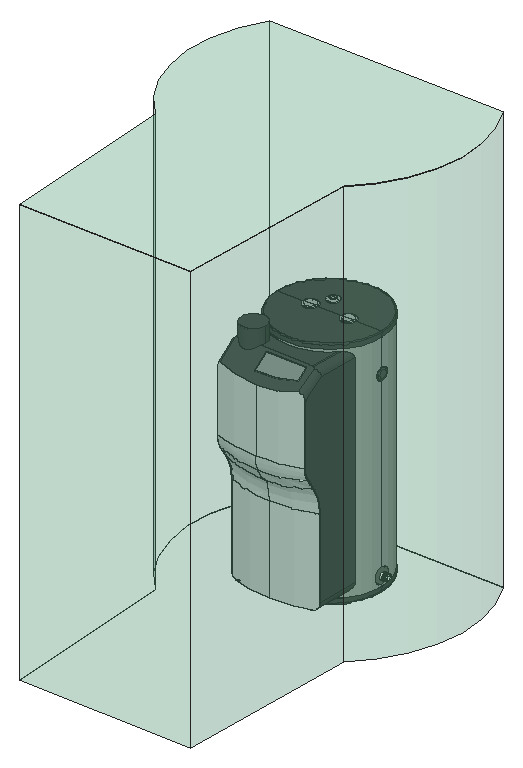
Revit family "Innovo NL_IR 32 285 NL LP", category Mechanical Equipment, Revit 2015
Parameters (values of type "IR-32-285 NL LP")
  Werkruimte Radius = Diameter + 170 mm  # 730 mm
  Werkruimte Hoogte = Hoogte + 1000 mm  # 2270 mm
  Werkruimte Afstand Voor = 1000 mm
  Werkruimte [instance] = yes
  Voorzorgsmaatregelen tijdens montage, installatie of onderhoud = "zie Gebruikers, Installatie, Service en Onderhouds handleiding"  # constant formula
  Voltage = 230 V  # constant formula
  Verpakkingslengte = 946 mm  # constant formula
  Verpakkingshoogte = 1465 mm
  Verpakkingsbreedte = 786 mm  # constant formula
  Uitsluitend werkend in daluren = no
  Type aanduiding = "IR-20-160"
  Transportgewicht = 114 kg
  Totaal Gewicht = 274 kg
  Stilstandsverlies - dagelijks (24u) = 0 W
  Stilstandsverlies = 0 W
  Standaard Afgesteld op = "G25.3"
  Stand Regelthermostaat = 65 °C  # constant formula
  Soort Verpakking = "Karton en Hout"  # constant formula
  Slimme controlefunctie = no
  Setpoint thermostaat = 65 °C  # constant formula
  Seizoens Rendement (Hs) = [Rendement (Hs, vlgs. NEN-EN 89 - 1999)]  # 95
  Rendement (Hs, vlgs. NEN-EN 89 - 1999) = 95
  Rendement (Hi, vlgs. NEN-EN 89 - 1999) = 106
  Produktspecificaties Link = ""
  Produkthandleiding Link = ""
  Produkt Model Nummer (EAN-nummer) = "8717449283803"
  Onderhoudsinterval = "12 maanden"  # constant formula
  Nominale Belasting (Onderwaarde) = "18000.0"
  Nominale Belasting (Bovenwaarde) = "20000.0"
  Nominaal Vermogen = "19100.0"
  NOx-uitstoot mg/kWh = "30.0"
  NOx-uitstoot (lucht vrij, 0% O2) ppm = "19"
  Min. Stand Regelthermostaat = 40 °C  # constant formula
  Max. Werkdruk = 800000.0 Pa
  Max. Stand Regelthermostaat = 85 °C  # constant formula
  Max. Rookgastemperatuur = 61 °C
  Ledig Gewicht = 95 kg
  Kraan Hoogte 02 = if(and(Hoogte = 1745 mm, Diameter = 675 mm), 1518 mm, if(and(Hoogte = 1745 mm, Diameter = 610 mm), 1534 mm, if(Hoogte = 1545 mm, 1328 mm, 1070 mm)))  # 1070 mm
  Kraan Hoogte 01 = if(and(Diameter > 560 mm), 693 mm, 604 mm)  # 604 mm
  Uitschakeldruk LDS < = 115.0 Pa
  URL = "www.aosmith.nl"
  Tapcapaciteit bij ΔT = 70°C  na 90 min. = 410.0 L
  Tapcapaciteit bij ΔT = 70°C  na 60 min. = 290.0 L
  Tapcapaciteit bij ΔT = 70°C  na 30 min. = 170.0 L
  Tapcapaciteit bij ΔT = 70°C  na 120 min. = 520.0 L
  Tapcapaciteit bij ΔT = 55°C  na 90 min. = 540.0 L
  Tapcapaciteit bij ΔT = 55°C  na 60 min. = 390.0 L
  Tapcapaciteit bij ΔT = 55°C  na 30 min. = 240.0 L
  Tapcapaciteit bij ΔT = 55°C  na 120 min. = 700.0 L
  Tapcapaciteit bij ΔT = 50°C  na 90 min. = 600.0 L
  Tapcapaciteit bij ΔT = 50°C  na 60 min. = 440.0 L
  Tapcapaciteit bij ΔT = 50°C  na 30 min. = 270.0 L
  Tapcapaciteit bij ΔT = 50°C na 120 min. = 770.0 L
  Tapcapaciteit bij ΔT = 44°C na 120 min. = 690.0 L
  Tapcapaciteit bij ΔT = 44°C  na 90 min. = 510.0 L
  Tapcapaciteit bij ΔT = 44°C  na 60 min. = 320.0 L
  Tapcapaciteit bij ΔT = 44°C  na 30 min. = 880.0 L
  Tapcapaciteit bij ΔT = 28°C na 90 min. = 1200.0 L
  Tapcapaciteit bij ΔT = 28°C na 60 min. = 820.0 L
  Tapcapaciteit bij ΔT = 28°C na 30 min. = 530.0 L
  Tapcapaciteit bij ΔT = 28°C na 120 min. = 1500.0 L
  Tapcapaciteit Continu bij ΔT = 70°C = 240.0 L/s
  Tapcapaciteit Continu bij ΔT = 55°C = 300.0 L/s
  Tapcapaciteit Continu bij ΔT = 50°C = 330.0 L/s
  Tapcapaciteit Continu bij ΔT = 44°C = 380.0 L/s
  Tapcapaciteit Continu bij ΔT = 28°C = 590.0 L/s
  Opwarmtijd bij ΔT = 70°C = "27"
  Opwarmtijd bij ΔT = 55°C = "21"
  Opwarmtijd bij ΔT = 50°C = "19"
  Opwarmtijd bij ΔT = 44°C = "17"
  Opwarmtijd bij ΔT = 28°C = "11"
  Model = "IR-20-160 NL NAT"
  Manufacturer = "A.O. Smith Water Products Company b.v."  # constant formula
  Length = 780 mm  # constant formula
  Jaarlijks elektriciteitsverbruik (2) = "-"
  Jaarlijks elektriciteitsverbruik (1) = "37 kWh"
  Jaarlijks brandstofverbruik (2) = "-"
  Jaarlijks brandstofverbruik (1) = "16 GJ GCV"
  Isolatiedikte = 50 mm
  Installatie Typen = "B23/C13/C33/C43/C53/C63"  # constant formula
  Inhoud = 160.0 L
  Hoogte Warm Water Uitlaat = 1270 mm
  Hoogte Rookgasafvoer = 1295 mm
  Hoogte Lucht Inlaat = 1295 mm
  Hoogte Koud Water Inlaat = 170 mm
  Hoogte Gas Aansluiting = 860 mm
  Hoogte = 1270 mm
  Handelsmerk = "A.O. Smith"  # constant formula
  Geluidsniveau dB (A) = "<45"  # constant formula
  Geluidsniveau binnen = "52 dB"
  Gasverbruik - Volume ltr/hr = "1.90"
  Gasverbruik - Massa kg/h = "n.v.t."
  Gascategorie = "II2EK3B/P"  # constant formula
  Gas Voordruk = 2500.0 Pa
  Gas Aansluiting = 15"  # constant formula
  Garrantie op Tank = "36 maanden"  # constant formula
  Garrantie op Onderdelen = "12 maanden"  # constant formula
  Frequentie = 50 Hz  # constant formula
  Fase = 1
  Fabrikantnummer = "E 7110"  # constant formula
  Energie-efficiëntieklasse voor waterverwarming (2) = "-"
  Energie-efficiëntieklasse voor waterverwarming (1) = "A"  # constant formula
  Energie-efficiëntie voor waterverwarming (2) = "-"
  Energie-efficiëntie voor waterverwarming (1) = "92%"
  Elektrisch Vermogen (piek) = 85 W
  Elektrisch Vermogen (nominaal) = 36 W
  Diameter Schoorsteen - parallel systeem = "2x80"  # constant formula
  Diameter Schoorsteen - concentrisch systeem = "80/125 mm/mm"  # constant formula
  Diameter Schoorsteen - boiler = "80/125 mm/mm"  # constant formula
  Diameter = 560 mm
  Description = "Condenserende Hoog Rendementsboiler"  # constant formula
  Created By = "http://www.cadcompany.nl/"
  Capaciteitsprofiel = "XL"
  CO2-uitstoot (tol. +/- 1.0) vol% = "9.3"
  CE-PIN = "0063CQ3037"  # constant formula
  Breedte = Diameter  # 560 mm
  Bestemming / Land = "Nederland"  # constant formula
  BIM Content Developer = "CAD & Company"  # constant formula
  Assembly Code = "D3010"
  Ander capaciteitsprofiel = "-"
  Aansluiting Warm Water = 3/4"
  Aansluiting T&P = 3/4"
  Aansluiting Koud Water = 3/4"  # constant formula
  Aansluiting Condensafvoer = 40 mm  # constant formula
  Aansluiting Aftapkraan = 3/4"  # constant formula
  2e Onderhoud (algeheel onderhoud) = "12 maanden na installatie"  # constant formula
  1e Onderhoud (check-up) = "3 maanden na installatie"  # constant formula
Reference planes
  plane 1 "Center (Front/Back)": y = 0
  plane 2: z = 0
  plane 3 "Center (Left/Right)": x = 0
  plane 4 "Pipe": through (-383.901, 912.349, 194.799) normal (-0.0879, -0.0879, 0.9923)
  plane 5 "footing": y = 118.925
  plane 6 "footing front": y = -237.85
  plane 7: x = -280
  plane 8: x = 280
  plane 9: z = 1270
Forms (mm)
  Revolve 1, solid, material "RAL 9005", detail levels medium+fine
    sketch origin (0, -237.85, 0) x (-1, 0, 0) y (0, 0, 1)
      loop
        line (0, 28.9) -> (-15, 28.9) -> (-15, 26.4) -> (-8.671, 26.4) -> (-8.671, 18) -> (-5.686, 18) -> (-6.626, 17.06) -> (-6.626, 12.06) -> (-8.671, 12.06) -> (-8.671, 10) -> (-10.031, 10) -> (-23.271, 5.181)
        arc (-23.271, 5.181) -> (-23.763, 4.836) -> (-24.017, 4.293) r 1.159
        line (-24.017, 4.293) -> (-24.017, 1.03)
        arc (-24.017, 1.03) -> (-23.715, 0.302) -> (-22.986, 0) r 1.03
        line (-22.986, 0) -> (0, 0) -> (0, 28.9)
      axis (0, 28.9) -> (0, 0)
    angle from 0 to 360
  Revolve 2, solid, material "RAL 9005", detail levels medium+fine
    sketch origin (0, 118.925, 0) x (-1, 0, 0) y (0, 0, 1)
      loop
        line (-180.984, 28.9) -> (-195.984, 28.9) -> (-195.984, 26.4) -> (-189.655, 26.4) -> (-189.655, 18) -> (-186.67, 18) -> (-187.61, 17.06) -> (-187.61, 12.06) -> (-189.655, 12.06) -> (-189.655, 10) -> (-191.015, 10) -> (-204.256, 5.181)
        arc (-204.256, 5.181) -> (-204.747, 4.836) -> (-205.001, 4.293) r 1.159
        line (-205.001, 4.293) -> (-205.001, 1.03)
        arc (-205.001, 1.03) -> (-204.699, 0.302) -> (-203.971, 0) r 1.03
        line (-203.971, 0) -> (-180.984, 0) -> (-180.984, 28.9)
      axis (-180.984, 28.9) -> (-180.984, 0)
    angle from 0 to 360
  Revolve 3, solid, material "RAL 9005", detail levels medium+fine
    sketch origin (0, 118.925, 0) x (-1, 0, 0) y (0, 0, 1)
      loop
        line (179.016, 28.9) -> (164.016, 28.9) -> (164.016, 26.4) -> (170.345, 26.4) -> (170.345, 18) -> (173.33, 18) -> (172.39, 17.06) -> (172.39, 12.06) -> (170.345, 12.06) -> (170.345, 10) -> (168.985, 10) -> (155.744, 5.181)
        arc (155.744, 5.181) -> (155.253, 4.836) -> (154.999, 4.293) r 1.159
        line (154.999, 4.293) -> (154.999, 1.03)
        arc (154.999, 1.03) -> (155.301, 0.302) -> (156.029, 0) r 1.03
        line (156.029, 0) -> (179.016, 0) -> (179.016, 28.9)
      axis (179.016, 28.9) -> (179.016, 0)
    angle from 0 to 360
Lines and regions (mm)
  symbolic lines
    curve 1: line (0, 280.06, 0) -> (0, -280.06, 0)
    curve 2: line (-255.06, 0, 0) -> (255.06, 0, 0)
  symbolic lines, style "Workspace"
    curve 3: line (623.261, 380.06, 0) -> (-623.261, 380.06, 0)
    curve 4: arc (-623.261, 380.06, 0) -> (-726.942, -66.745, 0) -> (-543.632, -487.2, 0) r 730
    curve 5: line (-543.632, -487.2, 0) -> (-396.783, -1492.825, 0)
    curve 6: line (-396.783, -1492.825, 0) -> (399.03, -1492.825, 0)
    curve 7: line (399.03, -1492.825, 0) -> (545.76, -484.816, 0)
    curve 8: arc (545.76, -484.816, 0) -> (727.087, -65.154, 0) -> (623.261, 380.06, 0) r 730
Dimensions and locks
  plane 5 "footing" to plane 1 "Center (Front/Back)" = 118.925 mm
  plane 1 "Center (Front/Back)" to plane 6 "footing front" = 237.85 mm
  "Diameter": plane 7 to plane 8
  equal spacing: plane 7, plane 3 "Center (Left/Right)", plane 8
  "Hoogte": plane 9 to plane 2
  "Werkruimte Afstand Voor": curve 6 to nested 3
  "Werkruimte Radius": radius of curve 4
  "Werkruimte Radius": radius of curve 8
  aligned and locked: level to plane 2
  aligned and locked: nested 3 to Revolve 1 sketch curve
  aligned and locked: plane 3 "Center (Left/Right)" to Revolve 1 sketch curve
  aligned and locked: nested 3 to plane 1 "Center (Front/Back)"
  aligned and locked: plane 3 "Center (Left/Right)" to nested 3
  aligned and locked: nested 1 to plane 8
  aligned and locked: nested 5 to plane 8
  aligned and locked: nested 2 to plane 7
  aligned and locked: nested 4 to plane 7
  aligned and locked: nested 7 to plane 7
  aligned and locked: nested 8 to plane 3 "Center (Left/Right)"
  aligned and locked: curve 3 to nested 8
  aligned and locked: nested 8 to nested 3
Automatic sketch dimensions
  Revolve 1 sketch curve to level = 0 mm
  plane 3 "Center (Left/Right)" to Revolve 1 sketch curve = 5.686 mm
  Revolve 1 sketch curve to Revolve 1 sketch curve = 0.94 mm  (x2)
  Revolve 1 sketch curve to Revolve 1 sketch curve = 2.046 mm  (x2)
  Revolve 1 sketch curve to Revolve 1 sketch curve = 1.359 mm
  Revolve 1 sketch curve to Revolve 1 sketch curve = 6.329 mm
  level to Revolve 1 sketch curve = 4.091 mm
  Revolve 1 sketch curve to Revolve 1 sketch curve = 12.844 mm
  level to Revolve 1 sketch curve = 1.03 mm
  Revolve 1 sketch curve to Revolve 1 sketch curve = 0.111 mm
  level to Revolve 1 sketch curve = 5.181 mm
  Revolve 1 sketch curve to Revolve 1 sketch curve = 0.745 mm
  level to Revolve 1 sketch curve = 10 mm
  Revolve 1 sketch curve to Revolve 1 sketch curve = 2.06 mm
  Revolve 1 sketch curve to Revolve 1 sketch curve = 5 mm
  Revolve 1 sketch curve to Revolve 1 sketch curve = 8.4 mm
  Revolve 1 sketch curve to Revolve 1 sketch curve = 2.5 mm
  Revolve 1 sketch curve to level = 19.635 mm
  Revolve 1 sketch curve to Revolve 1 sketch curve = 46.465 mm
  Revolve 2 sketch curve to level = 0 mm
  level to Revolve 2 sketch curve = 1.03 mm
  Revolve 2 sketch curve to plane 8 = 74.999 mm
  level to Revolve 2 sketch curve = 5.181 mm
  Revolve 2 sketch curve to Revolve 2 sketch curve = 0.745 mm
  Revolve 2 sketch curve to Revolve 2 sketch curve = 0.397 mm
  Revolve 2 sketch curve to Revolve 2 sketch curve = 8.271 mm
  Revolve 2 sketch curve to Revolve 2 sketch curve = 13.241 mm
  Revolve 2 sketch curve to Revolve 2 sketch curve = 1.359 mm
  Revolve 2 sketch curve to Revolve 2 sketch curve = 6.329 mm
  Revolve 2 sketch curve to Revolve 2 sketch curve = 2.046 mm
  level to Revolve 2 sketch curve = 18 mm
  Revolve 2 sketch curve to Revolve 2 sketch curve = 0.94 mm  (x2)
  Revolve 2 sketch curve to Revolve 2 sketch curve = 8.671 mm
  Revolve 2 sketch curve to Revolve 2 sketch curve = 1.089 mm
  Revolve 2 sketch curve to Revolve 2 sketch curve = 8 mm
  Revolve 2 sketch curve to Revolve 2 sketch curve = 2.06 mm
  Revolve 2 sketch curve to Revolve 2 sketch curve = 8.4 mm
  Revolve 2 sketch curve to Revolve 2 sketch curve = 2.5 mm
  Revolve 2 sketch curve to Revolve 2 sketch curve = 0 mm
  Revolve 2 sketch curve to level = 19.635 mm
  Revolve 2 sketch curve to Revolve 2 sketch curve = 46.465 mm
  Revolve 3 sketch curve to level = 0 mm
  level to Revolve 3 sketch curve = 1.03 mm
  Revolve 3 sketch curve to plane 7 = 125.001 mm
  level to Revolve 3 sketch curve = 5.181 mm
  Revolve 3 sketch curve to Revolve 3 sketch curve = 0.745 mm
  Revolve 3 sketch curve to Revolve 3 sketch curve = 0.397 mm
  Revolve 3 sketch curve to Revolve 3 sketch curve = 8.271 mm
  Revolve 3 sketch curve to Revolve 3 sketch curve = 13.241 mm
  Revolve 3 sketch curve to Revolve 3 sketch curve = 1.359 mm
  Revolve 3 sketch curve to Revolve 3 sketch curve = 6.329 mm
  Revolve 3 sketch curve to Revolve 3 sketch curve = 2.046 mm
  level to Revolve 3 sketch curve = 18 mm
  Revolve 3 sketch curve to Revolve 3 sketch curve = 0.94 mm  (x2)
  Revolve 3 sketch curve to Revolve 3 sketch curve = 8.671 mm
  Revolve 3 sketch curve to Revolve 3 sketch curve = 1.089 mm
  Revolve 3 sketch curve to Revolve 3 sketch curve = 8 mm
  Revolve 3 sketch curve to Revolve 3 sketch curve = 2.06 mm
  Revolve 3 sketch curve to Revolve 3 sketch curve = 8.4 mm
  Revolve 3 sketch curve to Revolve 3 sketch curve = 2.5 mm
  Revolve 3 sketch curve to Revolve 3 sketch curve = 0 mm
  Revolve 3 sketch curve to level = 19.635 mm
  Revolve 3 sketch curve to Revolve 3 sketch curve = 46.465 mm
  curve 4 to curve 8 = 0 mm  (x2)
  plane 1 "Center (Front/Back)" to curve 2 = 0 mm
  curve 1 to plane 3 "Center (Left/Right)" = 0 mm
  plane 1 "Center (Front/Back)" to curve 4 = 0 mm
  curve 4 to plane 3 "Center (Left/Right)" = 0 mm
  curve 5 to plane 6 "footing front" = 249.35 mm
  plane 7 to curve 5 = 116.783 mm
  plane 8 to curve 7 = 119.03 mm
  curve 7 to plane 6 "footing front" = 246.966 mm
  curve 2 to plane 7 = 24.94 mm
  curve 2 to plane 8 = 24.94 mm
  curve 1 to plane 6 "footing front" = 42.21 mm
  plane 5 "footing" to curve 1 = 161.135 mm
Nested families
  nested 1: "Valve" at (280, -0.38, 1070) x (0, 1, 0) z (0, 0, 1), built-in parameter 1001364 <- "Kraan Hoogte 02", type "Valve"
  nested 2: "Drain Valve" at (-280, 0, 1070), built-in parameter 1001364 <- "Kraan Hoogte 02", type "Drain Valve"
  nested 3: "Housing Mother Housing S 57 (external)" at (0, -274.886, 0), type "Housing Mother_Housing S_57"
  nested 4: "Drain Valve" at (-280, 0, 177), type "Drain Valve"
  nested 5: "Drain Valve" at (280, 0, 107) x (-1, 0, 0) z (0, 0, 1), type "Drain Valve"
  nested 6: "Boiler" at (0, 0, 0), height <- "Hoogte", type "Boiler"
    with height 1270 mm
  nested 7: "Drain Valve" at (-280, 0, 604), built-in parameter 1001364 <- "Kraan Hoogte 01", type "Drain Valve"
  nested 8: "Innovo_workspace" at (0, 0, 0), Workspace <- "Werkruimte", Workspace Distance Front <- "Werkruimte Afstand Voor", Workspace Height <- "Werkruimte Hoogte", Workspace Radius <- "Werkruimte Radius", type "Workspace"
    with Workspace Radius 730 mm, Workspace Height 2270 mm, Workspace Distance Front 1000 mm, Workspace yes, Center to Front 492.825 mm
Connectors
  piping at (314.826, 0, 107), diameter 19.05, driven by "Aansluiting Aftapkraan"
    settings: on nested 5, index 1, connector inside diameter 24", connector length 0 mm, flow factor 0, pipe flow 0.0 L/s, pressure drop 0.0 Pa, fitting loss kfactor 0, connector angle 0.00°, fixture units 0, engagement length 0 mm, angle of deflection 0.00°, flow configuration 0, flow direction 0, fitting loss method 0, system type 19, joint type 0, gender type 0, connector reference index -1, connector utility 0, adjustable connector no, is connector primary yes, connector description ""
  hvac at (-147.013, -321.326, 1310.674)
    settings: on nested 3, index 2, duct flow 0.0 L/s, flow factor 0, pres drop 0.0 Pa, loss coef 0, conn angle 0.00°, conn width 304.8 mm, conn height 304.8 mm, conn diameter 125 mm, duct sys type 4, conn prof type 0, flow config 0, flow direction 0, loss method 0, conn ref index -1, conn util no, is conn primary yes, conn desc ""
Definition of nested family "Valve"
  Parameters (values of type "Valve")
    Type Comments = "T&P valve (internal)"
    Manufacturer = "A.O. Smith"
  Reference planes
    plane 1 "Center (Front/Back)": y = 0
    plane 2: z = 0
    plane 3 "Center (Left/Right)": x = 0
  Forms (mm)
    Extrusion 1, solid, detail levels fine
      sketch origin (0, 0, 0) x (1, 0, 0) y (0, 0, 1)
        loop
          circle (0, 0) r 31.5
      from -2.271 to 1.4
    Sweep 2, solid, detail levels fine
      path origin (0, -1.4, 0) x (1, 0, 0) y (0, 0, 1)
        loop
          circle (0, 0) r 31.5
      profile origin (0, -1.4, 31.5) x (0, 0, -1) y (0, -1, 0)
        loop
          line (7.3, 0) -> (7.3, 3) -> (0, 0) -> (7.3, 0)
  Dimensions and locks
    aligned and locked: level to plane 2
Definition of nested family "Drain Valve"
  Reference planes
    plane 1 "Center (Front/Back)": y = 0
    plane 2: z = 0
    plane 3 "Center (Left/Right)": x = 0
  Forms (mm)
    Revolve 1, solid, detail levels medium+fine
      sketch origin (0, 0, 0) x (1, 0, 0) y (0, 0, 1)
        loop
          line (-33.442, 15.696) -> (-34.826, 14.329) -> (-34.93, 12.731) -> (-16.555, 12.731) -> (-16.555, 0) -> (15.787, 0) -> (15.787, 18.3) -> (-14.4, 18.3) -> (-17.148, 15.533) -> (-18.729, 16.697) -> (-20.091, 15.333) -> (-21.672, 16.496) -> (-23.034, 15.133) -> (-24.614, 16.296) -> (-25.976, 14.932) -> (-27.557, 16.096) -> (-28.919, 14.732) -> (-30.5, 15.896) -> (-31.862, 14.532) -> (-33.442, 15.696)
        axis (-34.93, 0) -> (15.787, 0)
      angle from 0 to 360
  Dimensions and locks
    aligned and locked: level to plane 2
  Nested families
    nested 1: "Rubber sealing" at (2.592, -0.155, 0) x (0.0023, -1, 0) z (0, 0, 1), type "Rubber sealing", detail levels fine
  Definition of nested family "Rubber sealing"
    Reference planes
      plane 1 "Center (Front/Back)": y = 0
      plane 2: z = 0
      plane 3 "Center (Left/Right)": x = 0
    Forms (mm)
      Extrusion 1, solid, detail levels fine
        sketch origin (141.861, 319.581, 0) x (1, 0, 0) y (0, 1, 0)
          loop
            line (-216.354, -311.898) -> (-216.354, -313.94)
            arc (-216.354, -313.94) -> (-141.602, -321.581) -> (-66.861, -313.835) r 366.966
            line (-66.861, -313.835) -> (-66.861, -311.791)
            arc (-66.861, -311.791) -> (-141.602, -319.581) -> (-216.354, -311.898) r 364.966
        from -80 to 80
      Extrusion 2, void
        sketch origin (141.861, 319.581, 0) x (1, 0, 0) y (0, 0, 1)
          loop
            circle (-141.861, 0) r 13
          loop
            circle (-141.861, 0) r 110
          loop
            circle (-141.861, 0) r 40
        from 311.563 to 332.684
      Extrusion 3, void
        sketch origin (141.861, 319.581, 0) x (1, 0, 0) y (0, 0, 1)
          loop
            circle (-141.861, 0) r 18.25
        from 315.524 to 326.084
    Cuts and joins
      Extrusion 2, Extrusion 3 cuts Extrusion 1
    Dimensions and locks
      aligned and locked: level to plane 2
Definition of nested family "Housing Mother Housing S 57 (external)"
  Parameters (values of type "Housing Mother_Housing S_57")
    radius [instance] = 280 mm
    distance to boiler center = if(diameter = 675 mm, 189 mm, if(diameter = 610 mm, 154 mm, 129 mm))  # 129 mm
    diameter = 560 mm
  Reference planes
    plane 1 "Center (Front/Back)": y = 0
    plane 2: z = 0
    plane 3 "Center (Left/Right)": x = 0
    plane 4 "left": through (-245.286, 145.886, 1200) normal (0.9994, 0.0349, 0)
    plane 5: y = -217.939
    plane 6: y = 145.886
    plane 7: z = 1232.6
    plane 8: z = 65.89
    plane 9 "right": through (245.286, 145.886, 1200) normal (0.9994, -0.0349, 0)
    plane 10 "display": through (0, -90.37, 1221.196) normal (0, -0.5736, 0.8192)
    plane 11 "Potentiostat": z = 867.899
    plane 12 "boiler center": y = 274.886
    plane 13: x = -280
    plane 14: x = 280
  Forms (mm)
    Extrusion 1, solid
      sketch origin (0, 0, 0) x (1, 0, 0) y (0, 1, 0)
        loop
          line (-245.286, 145.886) -> (-232.581, -217.939) -> (232.581, -217.939) -> (245.286, 145.886)
          arc (245.286, 145.886) -> (0, 0.923) -> (-245.286, 145.886) r 280
      from 0 to 1232.6
    Sweep 2, void
      path origin (0, 0, 0) x (0, 1, 0) y (0, 0, 1)
        loop
          line (-217.939, 1232.6) -> (-217.939, 795.555)
          arc (-217.939, 795.555) -> (-212.387, 754.285) -> (-197.694, 715.322) r 183.924
          arc (-197.694, 715.322) -> (-179.915, 684.628) -> (-159.106, 655.901) r 348.284
          arc (-159.106, 655.901) -> (-131.411, 600.328) -> (-121.88, 538.973) r 202.254
          line (-121.88, 538.973) -> (-121.88, 61.106)
      profile origin (0, -217.939, 1014.077) x (1, 0, 0) y (0, 1, 0)
        loop
          arc (0, 0) -> (-117.533, 9.941) -> (-231.728, 39.475) r 699.984
          arc (-231.728, 39.475) -> (-233.391, 40.705) -> (-234.07, 42.659) r 3.505
          line (-234.07, 42.659) -> (-254.062, 42.659) -> (-254.062, -142.593) -> (254.07, -142.593) -> (254.07, 42.659) -> (234.07, 42.659)
          arc (234.07, 42.659) -> (233.391, 40.705) -> (231.728, 39.475) r 3.505
          arc (231.728, 39.475) -> (117.533, 9.941) -> (0, 0) r 699.984
    Extrusion 3, void
      sketch origin (0, 0, 0) x (0, 1, 0) y (0, 0, 1)
        loop
          arc (102.864, 70.869) -> (99.804, 70.709) -> (96.874, 69.813) r 12.57
          arc (96.874, 69.813) -> (87.878, 66.533) -> (78.516, 64.529) r 69.114
          arc (78.516, 64.529) -> (76.41, 64.284) -> (74.294, 64.148) r 41.206
          arc (74.294, 64.148) -> (65.203, 64.335) -> (56.122, 64.782) r 318.661
          arc (56.122, 64.782) -> (30.585, 66.179) -> (5.028, 67.128) r 1456.581
          line (5.028, 67.128) -> (-84.534, 73.135)
          arc (-84.534, 73.135) -> (-86.363, 73.808) -> (-87.536, 75.365) r 3.455
          line (-87.536, 75.365) -> (-264.473, 75.365) -> (-264.473, 0) -> (160.886, 0) -> (160.886, 103.945) -> (145.886, 103.945)
          arc (145.886, 103.945) -> (145.104, 97.827) -> (142.923, 92.059) r 26.364
          arc (142.923, 92.059) -> (141.067, 88.936) -> (138.867, 86.045) r 31.715
          arc (138.867, 86.045) -> (135.576, 82.49) -> (132.021, 79.2) r 62.615
          arc (132.021, 79.2) -> (125.841, 74.697) -> (119.091, 71.103) r 54.444
          arc (119.091, 71.103) -> (116.371, 70.272) -> (113.531, 70.123) r 11.669
          line (113.531, 70.123) -> (102.864, 70.869)
      from -254.062 to 254.07
    Sweep 4, void
      path origin (0, 0, 0) x (1, 0, 0) y (0, 1, 0)
        loop
          line (-245.286, 145.886) -> (-232.581, -217.939)
      profile origin (-238.933, -36.027, 0) x (0.999391, 0.034899, 0) y (0, 0, 1)
        loop
          line (-4.454, 0) -> (47.084, 0) -> (47.084, 73.431)
          arc (47.084, 73.431) -> (14.222, 85.134) -> (0.255, 117.1) r 43.922
          line (0.255, 117.1) -> (-4.454, 117.1) -> (-4.454, 0)
    Sweep 5, void
      path origin (0, 0, 0) x (-1, 0, 0) y (0, 1, 0)
        loop
          line (-245.286, 145.886) -> (-232.581, -217.939)
      profile origin (238.933, -36.027, 0) x (0.999391, -0.034899, 0) y (0, 0, 1)
        loop
          line (4.454, 0) -> (4.454, 117.1) -> (-0.255, 117.1)
          arc (-0.255, 117.1) -> (-14.222, 85.134) -> (-47.084, 73.431) r 43.922
          line (-47.084, 73.431) -> (-47.084, 0) -> (4.454, 0)
    Sweep 6, void
      path origin (-239.899, -8.377, 0) x (-0.034899, 0.999391, 0) y (0, 0, 1)
        loop
          line (-209.69, 1141.272) -> (-79.18, 1232.6) -> (154.358, 1232.6)
      profile origin (-241.211, 29.188, 1232.6) x (0, 0, 1) y (0.999391, 0.034899, 0)
        loop
          line (-45, -30) -> (75, -30) -> (75, 0) -> (75, 55) -> (2.799, 55) -> (-1.253, 35.128)
          arc (-1.253, 35.128) -> (-16.771, 9.564) -> (-45, -0.308) r 44.287
          line (-45, -0.308) -> (-45, -30)
    Sweep 7, void
      path origin (239.899, -8.377, 0) x (0.034899, 0.999391, 0) y (0, 0, 1)
        loop
          line (-209.69, 1141.272) -> (-79.18, 1232.6) -> (154.358, 1232.6)
      profile origin (241.211, 29.188, 1232.6) x (0, 0, -1) y (-0.999391, 0.034899, 0)
        loop
          line (-75, -25) -> (45, -25) -> (45, -0.308)
          arc (45, -0.308) -> (16.771, 9.564) -> (1.253, 35.128) r 44.287
          line (1.253, 35.128) -> (-2.799, 55) -> (-75, 55) -> (-75, -25)
    Extrusion 8, void
      sketch origin (0, 0, 0) x (0, 1, 0) y (0, 0, 1)
        loop
          line (-270, 1336.099) -> (-270, 1099.081) -> (68.497, 1336.099) -> (-270, 1336.099)
      from -425.038 to 444.42
    Extrusion 9, solid, detail levels medium+fine
      sketch origin (0, 0, 0) x (1, 0, 0) y (0, 1, 0)
        loop
          circle (-147.013, -46.44) r 65
      from 1163.174 to 1310.674
    Extrusion 10, void
      sketch origin (0, -603.506, 861.895) x (0, 0.819152, 0.573576) y (-1, 0, 0)
        loop
          arc (618.322, -173) -> (623.272, -170.95) -> (625.322, -166) r 7
          line (625.322, -166) -> (625.322, 35)
          arc (625.322, 35) -> (623.272, 39.95) -> (618.322, 42) r 7
          line (618.322, 42) -> (535.473, 42)
          arc (535.473, 42) -> (530.688, 40.11) -> (528.488, 35.46) r 7
          arc (528.488, 35.46) -> (531.569, -67.592) -> (554.18, -168.18) r 540
          arc (554.18, -168.18) -> (556.724, -171.668) -> (560.831, -173) r 7
          line (560.831, -173) -> (618.322, -173)
      from 0 to 137.286
    Sweep 11, solid, detail levels fine
      path origin (0, 0, 867.899) x (-1, 0, 0) y (0, -1, 0)
        loop
          line (309.749, -35.617) -> (204.371, -35.617)
          arc (204.371, -35.617) -> (196.509, -34.687) -> (189.082, -31.947) r 33.677
          line (189.082, -31.947) -> (-9.574, 69.274)
      profile origin (-257.06, 35.617, 867.899) x (0, 1, 0) y (0, 0, 1)
        loop
          circle (0, 0) r 7.316
        loop
          circle (0, 0) r 6.465
    Revolve 12, void
      sketch origin (0, 274.886, 0) x (-1, 0, 0) y (0, 0, 1)
        loop
          line (280, 1243.838) -> (0, 1243.838) -> (0, 54.9) -> (280, 54.9) -> (280, 1243.838)
        axis (0, 1243.838) -> (0, 54.9)
      angle from 0 to 360
  Cuts and joins
    Sweep 2, Extrusion 3, Sweep 4, Sweep 5, Sweep 6, Sweep 7, Extrusion 8, Extrusion 10, Revolve 12 cuts Extrusion 1
  Dimensions and locks
    plane 8 to plane 2 = 65.89 mm
    plane 7 to plane 8 = 1166.71 mm
    "distance to boiler center": plane 12 "boiler center" to plane 6
    "diameter": plane 14 to plane 13
    equal spacing: plane 14, plane 3 "Center (Left/Right)", plane 13
    "radius": plane 3 "Center (Left/Right)" to plane 13
    aligned and locked: level to plane 2
    aligned and locked: Extrusion 1 to plane 7
    aligned and locked: Extrusion 1 sketch curve to plane 5
    aligned and locked: Sweep 2 to Extrusion 3
    aligned and locked: Extrusion 3 to Sweep 2  (x2)
    aligned and locked: plane 7 to Sweep 2 sketch curve
    aligned and locked: plane 3 "Center (Left/Right)" to Revolve 12 sketch curve
    aligned and locked: Revolve 12 sketch curve to plane 3 "Center (Left/Right)"
    aligned and locked: plane 13 to Revolve 12 sketch curve
  Automatic sketch dimensions
    Extrusion 1 sketch curve to plane 4 "left" = 0 mm  (x2)
    Extrusion 1 sketch curve to plane 6 = 0 mm  (x2)
    Extrusion 1 sketch curve to plane 3 "Center (Left/Right)" = 0 mm
    Extrusion 1 sketch curve to plane 9 "right" = 0 mm
    plane 6 to Extrusion 1 sketch curve = 135.037 mm
    Sweep 2 sketch curve to plane 5 = 0 mm
    plane 5 to Sweep 2 sketch curve = 106.195 mm
    Sweep 2 sketch curve to plane 5 = 96.059 mm
    plane 1 "Center (Front/Back)" to Sweep 2 sketch curve = 34.053 mm
    plane 11 "Potentiostat" to Sweep 2 sketch curve = 6.417 mm
    Sweep 2 sketch curve to plane 6 = 33.705 mm
    Sweep 2 sketch curve to plane 11 "Potentiostat" = 68.615 mm
    Sweep 2 sketch curve to plane 11 "Potentiostat" = 72.345 mm
    Sweep 2 sketch curve to Sweep 2 sketch curve = 176.349 mm
    Sweep 2 sketch curve to Sweep 2 sketch curve = 0 mm  (x2)
    plane 8 to Sweep 2 sketch curve = 4.784 mm
    Extrusion 3 sketch curve to level = 0 mm
    Extrusion 3 sketch curve to plane 6 = 0 mm
    Extrusion 3 sketch curve to plane 6 = 26.363 mm
    Extrusion 3 sketch curve to Extrusion 3 sketch curve = 4.75 mm
    Extrusion 3 sketch curve to Extrusion 3 sketch curve = 5.179 mm
    Extrusion 3 sketch curve to plane 8 = 4.232 mm
    Extrusion 3 sketch curve to Extrusion 3 sketch curve = 0.814 mm
    Extrusion 3 sketch curve to plane 8 = 4.978 mm
    Extrusion 3 sketch curve to Extrusion 3 sketch curve = 10.667 mm
    Extrusion 3 sketch curve to Extrusion 3 sketch curve = 0.877 mm
    Extrusion 3 sketch curve to Extrusion 3 sketch curve = 17.827 mm
    Extrusion 3 sketch curve to Extrusion 3 sketch curve = 5.646 mm
    Extrusion 3 sketch curve to plane 6 = 69.562 mm
    Extrusion 3 sketch curve to Extrusion 3 sketch curve = 18.6 mm
    Extrusion 3 sketch curve to Extrusion 3 sketch curve = 22.538 mm
    Extrusion 3 sketch curve to plane 8 = 1.238 mm
    Extrusion 3 sketch curve to plane 1 "Center (Front/Back)" = 5.028 mm
    plane 1 "Center (Front/Back)" to Extrusion 3 sketch curve = 36.224 mm
    Extrusion 3 sketch curve to plane 8 = 10.692 mm
    plane 1 "Center (Front/Back)" to Extrusion 3 sketch curve = 84.302 mm
    Extrusion 3 sketch curve to plane 8 = 7.244 mm
    Extrusion 3 sketch curve to Extrusion 3 sketch curve = 0.231 mm
    Extrusion 3 sketch curve to Extrusion 3 sketch curve = 3.234 mm
    plane 5 to Extrusion 3 sketch curve = 46.534 mm
    plane 6 to Extrusion 3 sketch curve = 15 mm
    Extrusion 3 sketch curve to level = 1388.869 mm
    plane 8 to Extrusion 3 sketch curve = 7.561 mm
    Extrusion 3 sketch curve to Extrusion 3 sketch curve = 11.64 mm
    Extrusion 3 sketch curve to plane 8 = 38.054 mm
    Extrusion 3 sketch curve to Extrusion 3 sketch curve = 22.442 mm
    Extrusion 3 sketch curve to plane 8 = 39.432 mm
    Extrusion 3 sketch curve to Extrusion 3 sketch curve = 2.466 mm
    Extrusion 3 sketch curve to Extrusion 3 sketch curve = 14.17 mm
    Extrusion 3 sketch curve to Extrusion 3 sketch curve = 5.925 mm
    Extrusion 3 sketch curve to Extrusion 3 sketch curve = 6.186 mm
    Extrusion 3 sketch curve to Extrusion 3 sketch curve = 249.85 mm
    Extrusion 3 sketch curve to Extrusion 3 sketch curve = 0 mm  (x4)
    Extrusion 3 sketch curve to Extrusion 3 sketch curve = 6.845 mm
    plane 8 to Extrusion 3 sketch curve = 1.743 mm
    Sweep 4 sketch curve to plane 4 "left" = 0 mm  (x2)
    Sweep 4 sketch curve to plane 6 = 0 mm
    plane 5 to Sweep 4 sketch curve = 0 mm
    Sweep 4 sketch curve to level = 0 mm
    profile plane to Sweep 4 sketch curve = 4.454 mm
    Sweep 4 sketch curve to profile plane = 0.255 mm
    Sweep 4 sketch curve to Sweep 4 sketch curve = 43.922 mm
    Sweep 4 sketch curve to profile plane = 47.084 mm
    level to Sweep 4 sketch curve = 73.431 mm
    Sweep 4 sketch curve to Sweep 4 sketch curve = 43.669 mm
    Sweep 5 sketch curve to plane 6 = 0 mm
    Sweep 5 sketch curve to plane 9 "right" = 0 mm  (x2)
    plane 5 to Sweep 5 sketch curve = 0 mm
    Sweep 5 sketch curve to level = 0 mm
    profile plane to Sweep 5 sketch curve = 47.084 mm
    Sweep 5 sketch curve to Sweep 5 sketch curve = 2.907 mm
    profile plane to Sweep 5 sketch curve = 0.255 mm
    Sweep 5 sketch curve to profile plane = 4.454 mm
    level to Sweep 5 sketch curve = 73.431 mm
    Sweep 5 sketch curve to Sweep 5 sketch curve = 43.669 mm
    Sweep 6 sketch curve to plane 7 = 0 mm
    plane 7 to Sweep 6 sketch curve = 91.328 mm
    Sweep 6 sketch curve to Sweep 6 sketch curve = 130.509 mm
    Sweep 6 sketch curve to Sweep 6 sketch curve = 233.538 mm
    Sweep 6 sketch curve to plane 4 "left" = 0 mm
    profile plane to Sweep 6 sketch curve = 45 mm
    Sweep 6 sketch curve to Sweep 6 sketch curve = 0.354 mm
    profile plane to Sweep 6 sketch curve = 1.253 mm
    Sweep 6 sketch curve to profile plane = 2.799 mm
    Sweep 6 sketch curve to Sweep 6 sketch curve = 72.201 mm
    Sweep 6 sketch curve to plane 4 "left" = 0.308 mm
    Sweep 6 sketch curve to Sweep 6 sketch curve = 29.692 mm
    plane 4 "left" to Sweep 6 sketch curve = 35.128 mm
    plane 4 "left" to Sweep 6 sketch curve = 55 mm
    Sweep 7 sketch curve to plane 7 = 0 mm
    Sweep 7 sketch curve to plane 7 = 91.328 mm
    Sweep 7 sketch curve to Sweep 7 sketch curve = 130.509 mm
    Sweep 7 sketch curve to Sweep 7 sketch curve = 233.538 mm
    Sweep 7 sketch curve to plane 9 "right" = 25 mm
    profile plane to Sweep 7 sketch curve = 75 mm
    profile plane to Sweep 7 sketch curve = 2.799 mm
    Sweep 7 sketch curve to profile plane = 1.253 mm
    Sweep 7 sketch curve to Sweep 7 sketch curve = 43.393 mm
    Sweep 7 sketch curve to profile plane = 45 mm
    Sweep 7 sketch curve to plane 9 "right" = 0.308 mm
    plane 9 "right" to Sweep 7 sketch curve = 35.128 mm
    Sweep 7 sketch curve to Sweep 7 sketch curve = 19.872 mm
    plane 5 to Extrusion 8 sketch curve = 52.061 mm
    Extrusion 8 sketch curve to plane 1 "Center (Front/Back)" = 68.497 mm
    plane 7 to Extrusion 8 sketch curve = 133.519 mm
    Extrusion 8 sketch curve to plane 7 = 103.499 mm
    plane 1 "Center (Front/Back)" to Extrusion 9 sketch curve = 46.44 mm
    Extrusion 9 sketch curve to plane 3 "Center (Left/Right)" = 147.013 mm
    Extrusion 10 sketch curve to plane 3 "Center (Left/Right)" = 0 mm
    Extrusion 10 sketch curve to plane 3 "Center (Left/Right)" = 35 mm
    Extrusion 10 sketch curve to Extrusion 10 sketch curve = 25.359 mm
    Extrusion 10 sketch curve to Extrusion 10 sketch curve = 57.491 mm
    Extrusion 10 sketch curve to plane 3 "Center (Left/Right)" = 42 mm
    Extrusion 10 sketch curve to Extrusion 10 sketch curve = 82.85 mm
    Extrusion 10 sketch curve to Extrusion 10 sketch curve = 7 mm
    Extrusion 10 sketch curve to Extrusion 10 sketch curve = 442 mm
    plane 3 "Center (Left/Right)" to Extrusion 10 sketch curve = 166 mm
    Extrusion 10 sketch curve to Extrusion 10 sketch curve = 0 mm  (x2)
    Sweep 11 sketch curve to plane 1 "Center (Front/Back)" = 31.947 mm
    Sweep 11 sketch curve to plane 3 "Center (Left/Right)" = 189.082 mm
    Sweep 11 sketch curve to plane 1 "Center (Front/Back)" = 1.94 mm
    Sweep 11 sketch curve to Sweep 11 sketch curve = 15.289 mm
    plane 3 "Center (Left/Right)" to Sweep 11 sketch curve = 9.574 mm
    Sweep 11 sketch curve to Sweep 11 sketch curve = 105.378 mm
    plane 1 "Center (Front/Back)" to Sweep 11 sketch curve = 69.274 mm
    Sweep 11 sketch curve to Sweep 11 sketch curve = 0 mm  (x2)
    Sweep 11 sketch curve to plane 11 "Potentiostat" = 0 mm
    Sweep 11 sketch curve to profile plane = 0 mm
    plane 8 to Revolve 12 sketch curve = 10.99 mm
    Revolve 12 sketch curve to plane 7 = 11.238 mm
    Revolve 12 sketch curve to level = 366.045 mm
    Revolve 12 sketch curve to Revolve 12 sketch curve = 971.917 mm
    Sweep 2 sketch curve to plane 3 "Center (Left/Right)" = 0 mm
    profile plane to Sweep 2 sketch curve = 0 mm
    Sweep 2 sketch curve to plane 3 "Center (Left/Right)" = 0.016 mm
    Sweep 2 sketch curve to profile plane = 42.782 mm  (x2)
    Sweep 2 sketch curve to plane 3 "Center (Left/Right)" = 230.568 mm
    plane 3 "Center (Left/Right)" to Sweep 2 sketch curve = 0.016 mm
    plane 3 "Center (Left/Right)" to Sweep 2 sketch curve = 230.568 mm
    Sweep 2 sketch curve to Sweep 2 sketch curve = 3.502 mm  (x2)
    Sweep 2 sketch curve to Sweep 2 sketch curve = 20 mm
    profile plane to Sweep 2 sketch curve = 142.593 mm
    Sweep 2 sketch curve to Sweep 2 sketch curve = 0.122 mm  (x2)
    Sweep 2 sketch curve to Sweep 2 sketch curve = 657.203 mm
    Sweep 2 sketch curve to Sweep 2 sketch curve = 19.991 mm
    radius of Extrusion 9 sketch curve = 65 mm
    radius of Sweep 11 sketch curve = 7.316 mm
    radius of Sweep 11 sketch curve = 6.465 mm
  Nested families
    nested 1: "display" at (65.5, -130.939, 1192.79) x (-1, 0, 0) z (0, -0.5736, 0.8192), type "display"
  Definition of nested family "display"
    Parameters (values of type "display")
      Default Elevation = 1219.2 mm
    Reference planes
      plane 1 "Center (Front/Back)": y = 0
      plane 2: z = 0
      plane 3 "Center (Left/Right)": x = 0
    Forms (mm)
      Extrusion 1, solid, detail levels medium+fine
        sketch origin (-16.958, 11.842, -343.878) x (1, 0, 0) y (0, 0, -1)
          loop
            line (-233.523, -343.878) -> (-233.523, -346.592) -> (332.686, -346.592) -> (332.686, -343.878) -> (-233.523, -343.878)
        from -228.7 to 150.822
      Extrusion 2, void
        sketch origin (-16.958, 6.842, -343.878) x (1, 0, 0) y (0, 1, 0)
          loop
            line (-233.523, 155.822) -> (-233.523, -223.7) -> (332.686, -223.7) -> (332.686, 155.822) -> (-233.523, 155.822)
          loop
            arc (-90.542, -48.267) -> (-88.492, -53.216) -> (-83.542, -55.267) r 7
            line (-83.542, -55.267) -> (117.458, -55.267)
            arc (117.458, -55.267) -> (122.408, -53.216) -> (124.458, -48.267) r 7
            line (124.458, -48.267) -> (124.458, 34.583)
            arc (124.458, 34.583) -> (122.568, 39.368) -> (117.918, 41.568) r 7
            arc (117.918, 41.568) -> (14.866, 38.487) -> (-85.722, 15.876) r 540
            arc (-85.722, 15.876) -> (-89.21, 13.332) -> (-90.542, 9.224) r 7
            line (-90.542, 9.224) -> (-90.542, -48.267)
        from 328.878 to 363.083
    Cuts and joins
      Extrusion 2 cuts Extrusion 1
    Dimensions and locks
      aligned and locked: level to plane 2
Definition of nested family "Boiler"
  Parameters (values of type "Boiler")
    radius [instance] = 280 mm
    height [instance] = 1270 mm
    Diameter = 560 mm
  Reference planes
    plane 1 "Center (Front/Back)": y = 0
    plane 2: z = 0
    plane 3 "Center (Left/Right)": x = 0
    plane 4: z = 1243.838
    plane 5: z = 1270
    plane 6 "bottom": z = 28.9
    plane 7: z = 54.9
    plane 8 "top controle": y = 88
    plane 9: x = -280
    plane 10: x = 280
  Forms (mm)
    Revolve 1, solid
      sketch origin (0, 0, 0) x (1, 0, 0) y (0, 0, 1)
        loop
          line (0, 54.9) -> (-280, 54.9) -> (-280, 32.9)
          arc (-280, 32.9) -> (-278.828, 30.072) -> (-276, 28.9) r 4
          line (-276, 28.9) -> (0, 28.9) -> (0, 54.9)
        axis (0, 28.9) -> (0, 54.9)
      angle from 0 to 360
    Revolve 2, solid
      sketch origin (1.311, 0, 0) x (1, 0, 0) y (0, 0, 1)
        loop
          line (-278.86, 1243.838) -> (-278.86, 54.9) -> (-1.311, 54.9) -> (-1.311, 1243.838) -> (-278.86, 1243.838)
        axis (-1.311, 1243.838) -> (-1.311, 54.9)
      angle from 0 to 360
    Revolve 3, solid
      sketch origin (-9.205, 0, 377.212) x (-1, 0, 0) y (0, 0, 1)
        loop
          line (-148.904, 892.788) -> (-110.805, 892.788) -> (-110.805, 895.963) -> (-141.883, 895.963) -> (-148.904, 893.62) -> (-148.904, 892.788)
        axis (-110.805, 892.788) -> (-110.805, 895.963)
      angle from 0 to 360
    Revolve 4, solid
      sketch origin (0, 0, 718.065) x (1, 0, 0) y (0, 0, -1)
        loop
          line (0, -525.773) -> (-280, -525.773) -> (-280, -547.935)
          arc (-280, -547.935) -> (-278.828, -550.763) -> (-276, -551.935) r 4
          line (-276, -551.935) -> (0, -551.935) -> (0, -525.773)
        axis (0, -551.935) -> (0, -525.773)
      angle from 0 to 360
    Revolve 5, solid
      sketch origin (0, 88, 0) x (1, 0, 0) y (0, 0, 1)
        loop
          line (-19.051, 1270) -> (-19.051, 1271.074) -> (-32.63, 1275.604) -> (-32.63, 1271.117) -> (-37.266, 1271.117) -> (-38.383, 1270) -> (-19.051, 1270)
        axis (-50.8, 1270) -> (-50.8, 1275.604)
      angle from 0 to 360
    Revolve 6, solid
      sketch origin (-217.12, 0, 372.245) x (-1, 0, 0) y (0, 0, 1)
        loop
          line (-153.622, 897.755) -> (-115.52, 897.755) -> (-115.52, 900.93) -> (-146.626, 900.93) -> (-153.622, 898.596) -> (-153.622, 897.755)
        axis (-115.52, 897.755) -> (-115.52, 900.93)
      angle from 0 to 360
  Dimensions and locks
    "height": plane 5 to plane 2
    plane 6 "bottom" to plane 2 = 28.9 mm
    locked: plane 5 to plane 4 at 26.162
    locked: plane 1 "Center (Front/Back)" to plane 8 "top controle" at 88
    "Diameter": plane 10 to plane 9
    equal spacing: plane 10, plane 3 "Center (Left/Right)", plane 9
    "radius": plane 3 "Center (Left/Right)" to plane 9
    locked: plane 9 to Revolve 2 sketch curve at 2.452
    aligned and locked: level to plane 2
    aligned and locked: Revolve 2 sketch curve to plane 7
    aligned and locked: Revolve 2 sketch curve to plane 4
    aligned and locked: Revolve 1 sketch curve to plane 7
    aligned and locked: plane 6 "bottom" to Revolve 1 sketch curve
    aligned and locked: Revolve 4 sketch curve to plane 3 "Center (Left/Right)"
    aligned and locked: plane 5 to Revolve 4 sketch curve
    aligned and locked: Revolve 4 sketch curve to plane 4
    aligned and locked: plane 9 to Revolve 4 sketch curve
    aligned and locked: Revolve 1 sketch curve to plane 9
    aligned and locked: Revolve 2 sketch curve to plane 3 "Center (Left/Right)"
    aligned and locked: plane 3 "Center (Left/Right)" to Revolve 2 sketch curve
  Automatic sketch dimensions
    Revolve 1 sketch curve to plane 3 "Center (Left/Right)" = 0 mm  (x2)
    Revolve 1 sketch curve to Revolve 1 sketch curve = 4 mm
    Revolve 1 sketch curve to level = 40 mm
    Revolve 1 sketch curve to Revolve 1 sketch curve = 305.1 mm
    Revolve 2 sketch curve to level = 366.045 mm
    Revolve 2 sketch curve to plane 5 = 945.755 mm
    Revolve 3 sketch curve to plane 5 = 0 mm
    Revolve 3 sketch curve to plane 3 "Center (Left/Right)" = 139.699 mm
    plane 5 to Revolve 3 sketch curve = 3.175 mm
    Revolve 3 sketch curve to Revolve 3 sketch curve = 7.022 mm
    Revolve 3 sketch curve to Revolve 3 sketch curve = 31.078 mm
    Revolve 3 sketch curve to Revolve 3 sketch curve = 0.832 mm
    Revolve 3 sketch curve to Revolve 3 sketch curve = 0 mm
    Revolve 3 sketch curve to Revolve 3 sketch curve = 2.338 mm
    Revolve 3 sketch curve to Revolve 3 sketch curve = 4.487 mm
    Revolve 4 sketch curve to plane 3 "Center (Left/Right)" = 0 mm
    Revolve 4 sketch curve to Revolve 4 sketch curve = 4 mm
    Revolve 4 sketch curve to Revolve 4 sketch curve = 68.738 mm
    Revolve 4 sketch curve to Revolve 4 sketch curve = 305.1 mm
    Revolve 6 sketch curve to plane 5 = 0 mm
    plane 3 "Center (Left/Right)" to Revolve 6 sketch curve = 63.497 mm
    plane 5 to Revolve 6 sketch curve = 3.175 mm
    Revolve 6 sketch curve to Revolve 6 sketch curve = 6.997 mm
    Revolve 6 sketch curve to Revolve 6 sketch curve = 31.106 mm
    Revolve 6 sketch curve to Revolve 6 sketch curve = 0.84 mm
    Revolve 6 sketch curve to Revolve 6 sketch curve = 0 mm
    Revolve 6 sketch curve to Revolve 6 sketch curve = 7.216 mm
    Revolve 6 sketch curve to Revolve 6 sketch curve = 0.391 mm
    Revolve 5 sketch curve to Revolve 5 sketch curve = 13.578 mm
    Revolve 5 sketch curve to Revolve 5 sketch curve = 1.074 mm
    Revolve 5 sketch curve to Revolve 5 sketch curve = 12.417 mm
    Revolve 5 sketch curve to Revolve 5 sketch curve = 5.753 mm
    Revolve 5 sketch curve to plane 5 = 1.117 mm
    Revolve 5 sketch curve to Revolve 5 sketch curve = 1.117 mm
    plane 5 to Revolve 5 sketch curve = 4.396 mm
    Revolve 5 sketch curve to plane 5 = 0 mm
    Revolve 5 sketch curve to Revolve 5 sketch curve = 4.487 mm
    Revolve 5 sketch curve to plane 3 "Center (Left/Right)" = 38.383 mm
    Revolve 5 sketch curve to plane 5 = 5.604 mm
Definition of nested family "Innovo_workspace"
  Parameters (values of type "Workspace")
    Workspace Radius [instance] = 730 mm
    Workspace Height [instance] = 2270 mm
    Workspace Distance Front [instance] = 1000 mm
    Workspace [instance] = yes
    URL = "www.aosmith.nl"
    Model = ""
    Manufacturer = "A.O. Smith Water Products Company b.v."  # constant formula
    Description = ""
    Created By = ""
    Center to Front [instance] = 492.825 mm
    BIM Content Developer = "CAD & Company"  # constant formula
    Assembly Code = ""
  Reference planes
    plane 1 "Center (Front/Back)": y = 0
    plane 2: z = 0
    plane 3 "Center (Left/Right)": x = 0
    plane 4 "Pipe": through (-383.901, 912.349, 194.799) normal (-0.0879, -0.0879, 0.9923)
    plane 5 "front": y = -492.825
  Forms (mm)
    Extrusion 1, solid, visible <- "Workspace"
      sketch origin (0, 0, 0) x (1, 0, 0) y (0, 1, 0)
        loop
          line (456.53, -1492.825) -> (500.201, -531.695)
          arc (500.201, -531.695) -> (723.44, -97.643) -> (623.261, 380.06) r 730
          line (623.261, 380.06) -> (-623.261, 380.06)
          arc (-623.261, 380.06) -> (-723.227, -99.209) -> (-497.893, -533.856) r 730
          line (-497.893, -533.856) -> (-454.283, -1492.825) -> (456.53, -1492.825)
      from 0 to 2270 <- "Workspace Height"
  Lines and regions (mm)
    symbolic lines
      curve 1: line (0, 280.06, 0) -> (0, -280.06, 0)
      curve 2: line (-255.06, 0, 0) -> (255.06, 0, 0)
  Dimensions and locks
    locked: Extrusion 1 sketch curve to curve 1 at 100
    "Workspace Distance Front": plane 5 "front" to Extrusion 1
    "Center to Front": plane 1 "Center (Front/Back)" to plane 5 "front"
    "Workspace Radius": radius of Extrusion 1 sketch curve  (x2)
    aligned and locked: level to plane 2
  Automatic sketch dimensions
    plane 1 "Center (Front/Back)" to curve 2 = 0 mm
    curve 1 to plane 3 "Center (Left/Right)" = 0 mm
    plane 3 "Center (Left/Right)" to curve 2 = 255.06 mm
    curve 1 to plane 1 "Center (Front/Back)" = 280.06 mm
    curve 2 to plane 3 "Center (Left/Right)" = 255.06 mm
    plane 5 "front" to curve 1 = 212.765 mm
    Extrusion 1 sketch curve to Extrusion 1 sketch curve = 0 mm  (x2)
    plane 1 "Center (Front/Back)" to Extrusion 1 sketch curve = 0 mm
    Extrusion 1 sketch curve to plane 3 "Center (Left/Right)" = 0 mm
    Extrusion 1 sketch curve to plane 5 "front" = 41.031 mm
    Extrusion 1 sketch curve to plane 3 "Center (Left/Right)" = 454.283 mm
    plane 3 "Center (Left/Right)" to Extrusion 1 sketch curve = 456.53 mm
    Extrusion 1 sketch curve to plane 5 "front" = 38.869 mm
    Extrusion 1 sketch curve to Extrusion 1 sketch curve = 961.131 mm
